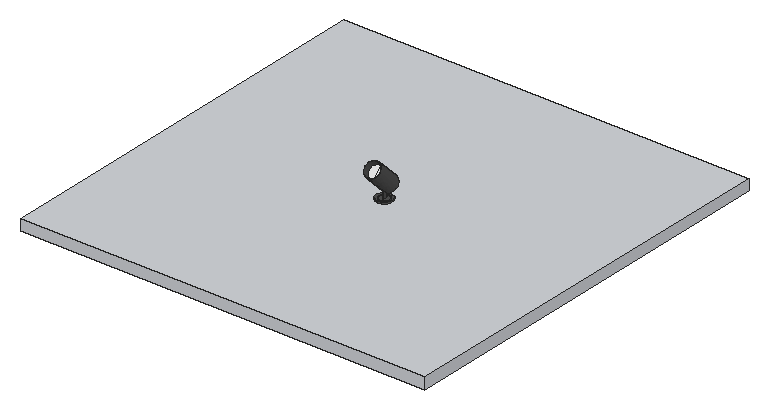
Revit family "Zumtobel VIVO II M", category Lighting Fixtures, host Face, Revit 2016
Family settings
  Host = Face
  Part Type = Normal
  Round Connector Dimension = Use Diameter
  OmniClass Number = 23.80.70.11
  OmniClass Title = Luminaries for Internal Lighting
  Cut with Voids When Loaded = No
  Light Source = No
  Shared = No
  Room Calculation Point = No
Parameters (values of type "V2-SR M 2500-930 SWI FL WH WH")
  URL = "http://www.zumtobel.com/60716706"
  Type Comments = "© Zumtobel. We reserve the right to make technical changes without prior notice."  # constant formula
  Surface Mount = no
  Semi Recessed = not(Surface Mount)  # yes
  Note [instance] = "Angle value ranges between 2° and 76°"  # constant formula
  Model = "60716706"
  Manufacturer = "Zumtobel Lighting"  # constant formula
  Lamp = "LED"
  Emit Shape Visible in Rendering = yes
  Description = "LED recessed spotlight"
  Body Type = Zumtobel Vivo II Body : V2-SR M 2500-930 SWI FL WH WH
  Body [instance] = ZG_Metal_Black
  Apparent Load = 26.5 VA
  Angle [instance] = 45.00°
  Rotation [instance] = 0.00°
  Default Elevation = 0.00 mm
  Assembly Code = "D5020200"
Types (2, lengths in mm): name | URL | Surface Mount | Semi Recessed | Model | Description | Body Type
  VIV2 M 2500-930 LDO 3CDC WFL BK BK | "http://www.zumtobel.com/60716615" | yes | no | "60716615" | "LED spotlight" | Zumtobel Vivo II Body : VIV2 M 2500-930 LDO 3CDC WFL BK BK
  V2-SR M 2500-930 SWI FL WH WH | "http://www.zumtobel.com/60716706" | no | yes | "60716706" | "LED recessed spotlight" | Zumtobel Vivo II Body : V2-SR M 2500-930 SWI FL WH WH
Reference planes
  plane 1 "Center (Front/Back)": y = 0
  plane 2: z = 0
  plane 3 "Center (Left/Right)": x = 0
  plane 4: z = 105.5
  plane 5: z = 5
  plane 6: y = 47.82
  plane 7: y = -47.97
Forms (mm)
  Extrusion 1, solid
    sketch origin (0, 0, 0) x (1, 0, 0) y (0, 1, 0)
      loop
        line (-1219.2, 1219.2) -> (-1219.2, -1219.2) -> (1219.2, -1219.2) -> (1219.2, 1219.2) -> (-1219.2, 1219.2)
    from 0 to -66.193
  Extrusion 2, solid, material "ZG_Metal_Black" <- "Body", visible <- "Surface Mount"
    sketch origin (0, 0, 40) x (1, 0, 0) y (0, 1, 0)
      loop
        circle (0, 0) r 7.5
    from -32 to 65.5
  Extrusion 3, solid, material "ZG_Metal_Black" <- "Body", visible <- "Surface Mount"
    sketch origin (0, 0, 0) x (1, 0, 0) y (0, 1, 0)
      loop
        arc (-15, -32.82) -> (0, -47.82) -> (15, -32.82) r 15
        line (15, -32.82) -> (15, 32.82)
        arc (15, 32.82) -> (0, 47.82) -> (-15, 32.82) r 15
        line (-15, 32.82) -> (-15, -32.82)
    from 0 to 8
  Revolve 4, solid, material "ZG_Metal_Black" <- "Body", visible <- "Semi Recessed"
    sketch origin (0, 0, 0) x (0, 1, 0) y (0, 0, 1)
      loop
        line (32.82, 5) -> (32.82, 0) -> (47.82, 0) -> (47.82, 5) -> (32.82, 5)
      axis (0, 5) -> (0, 0)
    angle from 0 to 360
  Revolve 5, solid, material "ZG_Metal_Black" <- "Body", visible <- "Semi Recessed"
    sketch origin (0, 0, 0) x (0, 1, 0) y (0, 0, 1)
      loop
        line (32.82, 5) -> (0, 5) -> (0, 0) -> (32.82, 0) -> (32.82, 5)
      axis (0, 5) -> (0, 0)
    angle from 0 to 360
  Extrusion 6, solid, material "ZG_Metal_Black" <- "Body", visible <- "Semi Recessed"
    sketch origin (0, 901.7, 0) x (0, -1, 0) y (0, 0, 1)
      loop
        line (894.2, 5) -> (909.2, 5) -> (909.2, 105.5) -> (894.2, 105.5) -> (894.2, 5)
    from -5 to 5
Lines and regions (mm)
  reference lines
    curve 1: line (0, 901.7, 0) -> (0, 0, 0)
Dimensions and locks
  locked: plane 4 to plane 2 at 105.5
  "Rotation": angle curve 1 to plane 3 "Center (Left/Right)"
  aligned and locked: plane 2 to Extrusion 1
  aligned and locked: level to Extrusion 1
  aligned and locked: plane 1 "Center (Front/Back)" to curve 1
  aligned and locked: plane 3 "Center (Left/Right)" to curve 1
  aligned: nested 1 to plane 1 "Center (Front/Back)"  (x2)
  aligned: curve 1 to nested 1
  aligned and locked: plane 4 to nested 1
  aligned and locked: curve 1 to nested 1
Automatic sketch dimensions
  Extrusion 1 sketch curve to Extrusion 1 sketch curve = 2438.40 mm  (x2)
  plane 1 "Center (Front/Back)" to Extrusion 2 sketch curve = 0.00 mm
  Extrusion 2 sketch curve to plane 3 "Center (Left/Right)" = 0.00 mm
  Extrusion 3 sketch curve to plane 3 "Center (Left/Right)" = 0.00 mm
  Extrusion 3 sketch curve to plane 3 "Center (Left/Right)" = 15.00 mm
  Extrusion 3 sketch curve to plane 7 = 15.15 mm
  plane 6 to Extrusion 3 sketch curve = 15.00 mm
  Extrusion 3 sketch curve to Extrusion 3 sketch curve = 0.00 mm
  Revolve 4 sketch curve to plane 1 "Center (Front/Back)" = 0.00 mm
  Revolve 4 sketch curve to level = 0.00 mm
  Revolve 4 sketch curve to plane 5 = 0.00 mm
  Revolve 4 sketch curve to plane 6 = 0.00 mm
  Revolve 4 sketch curve to Revolve 4 sketch curve = 15.00 mm
  plane 5 to Revolve 4 sketch curve = 35.50 mm
  Revolve 4 sketch curve to Revolve 4 sketch curve = 10.00 mm
  Revolve 5 sketch curve to plane 1 "Center (Front/Back)" = 0.00 mm  (x2)
  Revolve 5 sketch curve to plane 5 = 0.00 mm
  Revolve 5 sketch curve to level = 0.00 mm
  plane 6 to Revolve 5 sketch curve = 15.00 mm
  Revolve 5 sketch curve to Revolve 5 sketch curve = 35.50 mm
  Revolve 5 sketch curve to Revolve 5 sketch curve = 10.00 mm
  Extrusion 6 sketch curve to curve 1 = 7.50 mm
  curve 1 to Extrusion 6 sketch curve = 7.50 mm
  Extrusion 6 sketch curve to curve 1 = 5.00 mm
  curve 1 to Extrusion 6 sketch curve = 105.50 mm
  radius of Extrusion 2 sketch curve = 7.50 mm
Nested families
  nested 1: "Zumtobel Vivo II Body" at (200, 155, 105.5) x (1, 0, 0) z (0, 0, -1), Angle <- "Angle", type <- "Body Type", Body <- "Body", type "V2-SR M 2500-930 SWI FL WH WH"
    with Body ZG_Metal_Black, Angle 45.00°
Connectors
  electrical at (0, 0, 0), driven by "Apparent Load"
    settings: index 1, voltage 230 V, apparent load 0 VA, apparent load phase1 26.5 VA, apparent load phase2 0 VA, apparent load phase3 0 VA, power factor 1, load classification "Other", number of poles 1, system type 31, power factor state 1, is connector primary yes, connector utility no, sub classification motor no, connector description ""
Definition of nested family "Zumtobel Vivo II Body"
  Parameters (values of type "VIV2 M 2500-930 LDO 3CDC WFL BK BK")
    Wattage = 5.72229 W
    built-in parameter 1150110 = 1 (stored number, unit not read)
    URL = ""
    built-in parameter 1114217 = 1 (stored number, unit not read)
    Tilt Angle = 60.00°
    built-in parameter 1150109 = 1 (stored number, unit not read)
    built-in parameter 1150134 = 12
    built-in parameter 1150113 = 1 (stored number, unit not read)
    Photometric Web File = "STx550.IES"
    Model = ""
    Manufacturer = "Zumtobel Lighting"  # constant formula
    built-in parameter 1150105 = 1888.2 (stored number, unit not read)
    Lumens = 850 lm
    built-in parameter 1150115 = 1 (stored number, unit not read)
    built-in parameter 1150137 = (empty or 0)
    built-in parameter 1150139 = (empty or 0)
    built-in parameter 1150112 = 1 (stored number, unit not read)
    built-in parameter 1150114 = 1 (stored number, unit not read)
    Lamp = ""
    built-in parameter 1150132 = 2
    built-in parameter 1150102 = (empty or 0)
    built-in parameter 1150107 = 4000 (stored number, unit not read)
    built-in parameter 1150138 = (empty or 0)
    built-in parameter 1150106 = 18.882 (stored number, unit not read)
    built-in parameter 1150104 = 13.8 (stored number, unit not read)
    Dimming Lamp Color Temperature Shift = (empty or 0)
    Description = "Zumtobel VIVO2 Body"  # constant formula
    Default Elevation = 0.00 mm
    Color Filter = 16777215
    Body [instance] = none
    built-in parameter 1114218 = 1 (stored number, unit not read)
    built-in parameter 1150133 = 10 (stored number, unit not read)
    Assembly Code = ""
    Apparent Load = 0 VA
    Angle [instance] = 35.00°
  Types (2, lengths in mm): name | Wattage | built-in parameter 1150134 | Photometric Web File | built-in parameter 1150105 | Lumens | built-in parameter 1150107 | built-in parameter 1150106 | Apparent Load
    VIV2 M 2500-930 LDO 3CDC WFL BK BK | 5.72229 W | 12 | "STx550.IES" | 1888.2 (stored number, unit not read) | 850 lm | 4000 (stored number, unit not read) | 18.882 (stored number, unit not read) | 0 VA
    V2-SR M 2500-930 SWI FL WH WH | 16.8303 W | (empty or 0) | "STx517.IES" | 198.94 (stored number, unit not read) | 2500 lm | 3000 (stored number, unit not read) | 1.9894 (stored number, unit not read) | 26.5 VA
  Reference planes
    plane 1 "Top": z = 0
    plane 2 "Center (Front/Back)": y = -155
    plane 3 "Center (Left/Right)": x = -200
  Forms (mm)
    Revolve 1, solid, material <- "Body"
      sketch origin (-200, -155, 0) x (0, -0.819152, -0.573576) y (0, 0.573576, -0.819152)
        loop
          line (124.312, -47.5) -> (124.312, -44.958) -> (84.312, -44.958) -> (84.312, 0) -> (-55.688, 0) -> (-55.688, -47.5) -> (124.312, -47.5)
        axis (-55.688, 0) -> (124.312, 0)
      angle from 0 to 360
    Sweep 2, void
      path origin (-200, -155, 0) x (0, 0.819152, 0.573576) y (0, -0.573576, 0.819152)
        loop
          line (0, 100) -> (0, 0) -> (55.688, 0)
      profile origin (-200, -132.192, 15.971) x (0, -0.573576, 0.819152) y (1, 0, 0)
        loop
          arc (0, 8) -> (-8, 0) -> (0, -8) r 8
          line (0, -8) -> (0, 8)
    Extrusion 3, void
      sketch origin (-200, -155, 0) x (0, -0.819152, -0.573576) y (0, -0.573576, 0.819152)
        loop
          line (0, 0) -> (0, 100) -> (-102.371, 100) -> (-102.371, 0) -> (0, 0)
      from -8 to 8
  Cuts and joins
    Sweep 2, Extrusion 3 cuts Revolve 1
  Lines and regions (mm)
    reference lines
      curve 1: line (-200, -155, 0) -> (-200, -224.065, -48.359)
      curve 2: line (-200, -327.078, 29.021) -> (-200, -256.831, -71.303)
      curve 3: line (-200, -224.065, -48.359) -> (-200, -291.562, 48.036)
      curve 4: line (-200, -142.499, 79.236) -> (-200, -109.383, 31.941)
      curve 5: line (-200, -155, 0) -> (-200, -109.383, 31.941)
      curve 6: line (-200, -224.065, -48.359) -> (-200, -256.831, -71.303)
  Dimensions and locks
    locked: curve 5 to curve 5 at 55.688
    locked: Extrusion 3 sketch curve to Extrusion 3 sketch curve at 100
    curve 4 to curve 3 to curve 2 = 140.00 mm locked, 40.00 mm locked
    "Angle": angle curve 6 to plane 1 "Top"
    "Angle": angle curve 5 to plane 1 "Top"
    locked: Sweep 2 sketch curve to Sweep 2 sketch curve (angle 90.00°)
    aligned and locked: level to plane 1 "Top"
    aligned and locked: plane 2 "Center (Front/Back)" to curve 1
    aligned and locked: plane 1 "Top" to curve 1
    aligned: curve 2 to cut or joined group of Revolve 1, Sweep 2, Extrusion 3
    aligned and locked: curve 4 to Revolve 1 sketch curve
    aligned and locked: Sweep 2 sketch curve to curve 5
    aligned and locked: profile plane to Sweep 2 sketch curve
    aligned and locked: Extrusion 3 sketch curve to curve 5
    aligned and locked: imposter light to curve 6  (x2)
  Automatic sketch dimensions
    Revolve 1 sketch curve to curve 6 = 0.00 mm  (x3)
    curve 1 to Revolve 1 sketch curve = 0.00 mm
    curve 6 to Revolve 1 sketch curve = 30.00 mm
    Sweep 2 sketch curve to profile plane = 0.00 mm
    Sweep 2 sketch curve to Sweep 2 sketch curve = 8.00 mm
    Extrusion 3 sketch curve to curve 5 = 46.683 mm
    Sweep 2 sketch curve to curve 5 = 0.00 mm
    Revolve 1 sketch curve to Revolve 1 sketch curve = 2.542 mm
    Revolve 1 sketch curve to curve 1 = 0.00 mm
    plane 2 "Center (Front/Back)" to curve 4 = 12.501 mm
    curve 3 to level = 48.036 mm
    curve 2 to level = 29.021 mm
    Revolve 1 sketch curve to curve 1 = 44.958 mm
